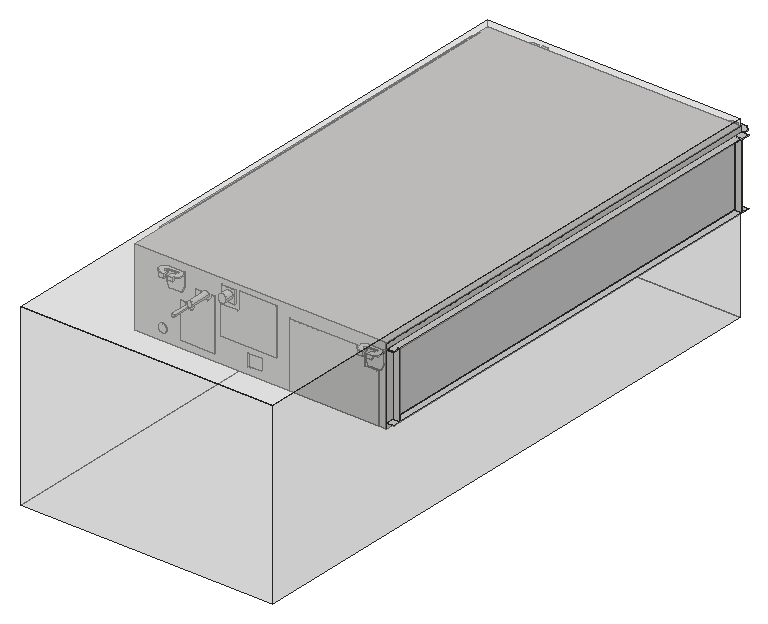
Revit family "outputfile", category 機械設備, Revit 2024
Family settings
  丸型コネクタ寸法 = 半径を使用
  パーツ タイプ = 標準
  OmniClass 番号 = 23.75.10.24.21.27.27
  OmniClass タイトル = Split System Air Conditioning Units
  作業面ベース = いいえ
  常に垂直 = はい
  ロード時にボイドで切り取り = いいえ
  注釈の向きを維持 = いいえ
  共有 = いいえ
  部屋計算ポイント = はい
Parameters (values of type "FBA140BVMA")
  製造元 = "Daikin"
  書き出し IFC クラス(タイプ) = "IfcUnitaryEquipmentType"
  定義済み IFC タイプ(タイプ) = "AIRCONDITIONINGUNIT"
  モデル = "FBA140BVMA"
  switch_frequency = yes
  r_Liquid Pipe Size = Liquid Pipe Size / 2  # 4.75 mm
  r_Gas Pipe Size = Gas Pipe Size / 2  # 7.95 mm
  r_Drain Pipe Size = Drain Pipe Size / 2  # 12.5 mm
  lw_power = 770.0 mm  # constant formula
  lh_SA = 138.0 mm  # constant formula
  lw_SA = if(Width = 550.0 mm, 225.0 mm, if(Width = 700.0 mm, 300.0 mm, if(Width = 1000.0 mm, 450.0 mm, if(Width = 1400.0 mm, 650.0 mm, 725.0 mm))))  # 650.0 mm
  lw_RA = if(Width = 550.0 mm, 275.0 mm, if(Width = 700.0 mm, 349.0 mm, if(Width = 1000.0 mm, 499.0 mm, if(Width = 1400.0 mm, 699.0 mm, 775.0 mm))))  # 699.0 mm
  lh_power = 60.0 mm + [h***]  # 60.0 mm
  lh_mountinghole1 = lh_mountinghole + [h***]  # 222.0 mm
  lh_RA = 123.0 mm  # constant formula
  ld_power = Width / 2  # 700.0 mm
  connector_voltage = Voltage_50Hz  # 230 V
  connector_powerinput = [Power Input (Cooling)]  # 5.690 kW
  connector_phase = Phase_50Hz  # 1
  Voltage_comment_60Hz = "220-230"
  Voltage_comment_50Hz = "220 - 240"
  Voltage_60Hz = 220 V
  Voltage_50Hz = 230 V
  Total Heating Capacity [instance] = 0.000 kW
  Supply Air Direction [instance] = yes
  Sound Power Level_H speed (dB) = 0
  Power Input (Heating) = 0.000 kW
  Phase_60Hz = 1
  Phase_50Hz = 1
  Nominal Heating Capacity = 0.000 kW
  Minimum External Static Pressure = 0.00 Pa
  Minimum Circuit Amps_60Hz = 0.0 A
  Minimum Circuit Amps_50Hz = 0.0 A
  Maximum Fuse Amps_60Hz = 0.0 A
  Maximum Fuse Amps_50Hz = 0.0 A
  Maximum External Static Pressure = 0.00 Pa
  Material_Casing = DAIKIN_GalvanizedSteel_Casing_indoorunit
  lw_mountinghole = 630.0 mm  # constant formula
  lh_gaspipe = 183.0 mm + [h***]  # 183.0 mm
  lh_mountinghole = 222.0 mm  # constant formula
  lh_liquidpipe = 136.0 mm + [h***]  # 136.0 mm
  lh_drainpipe = 207.0 mm + [h***]  # 207.0 mm
  lh_antena = Height - lh_mountinghole + 1.0 mm  # 24.0 mm
  ld_drainpipe = Width / 2 + 26.0 mm  # 726.0 mm
  ld_liquidpipe = Width / 2 + 69.0 mm  # 769.0 mm
  ld_gaspipe = Width / 2 + 65.0 mm  # 765.0 mm
  ld_mountinghole = Width + 38.0 mm  # 1438.0 mm
  h*** = 0.0 mm  # constant formula
  lw_liquidpipe = 179.0 mm  # constant formula
  lw_gaspipe = 229.0 mm  # constant formula
  lw_drainpipe = 300.0 mm  # constant formula
  Width = 1400.0 mm
  Version = "ver.1.0"
  Unit Type = "Duct"
  Unit Mass Weight = 47.00 kg
  Unit Designation [instance] = ""
  Uniclass2015Version = "Products v1.30"
  Uniclass2015Title = "Split coil room air conditioning units"
  Uniclass2015Code = "Pr_70_65_03_86"
  Total Cooling Capacity [instance] = 0.000 kW
  Sound Pressure Level_M speed (dBA) = 37.5
  Sound Pressure Level_L speed (dBA) = 35
  Sound Pressure Level_H speed (dBA) = 40
  Series = "SkyAir_Fan Coil Unit"
  Sensible Cooling Capacity [instance] = 0.000 kW
  SA Duct Size Width = 1192.0 mm
  SA Duct Size Height = 176.0 mm
  Refrigerant Type = "R32"
  RA Duct Size Width = 1352.0 mm
  RA Duct Size Height = 208.0 mm
  Power Input (Cooling) = 5.690 kW
  Option Accessory 3 [instance] = ""
  Option Accessory 2 [instance] = ""
  Option Accessory 1 [instance] = ""
  Nominal Cooling Capacity = 14.000 kW
  Minimum Airflow = 1500.00 m³/h
  Median Airflow = 1830.00 m³/h
  Maximum Airflow = 2160.00 m³/h
  Load Classification = HVAC
  Liquid Pipe Size = 9.5 mm
  Link_Nested Family [instance] = ""
  IfcVersion = ""
  IfcExportType = "AIRCONDITIONINGUNIT"
  IfcExportAs = "IfcUnitaryEquipmentType"
  Height = 245.0 mm
  Heating Entering Wet Bulb Temperature [instance] = -273.15 °C
  Heating Entering Dry Bulb Temperature [instance] = -273.15 °C
  Heating Ambient Wet Bulb Temperature [instance] = -273.15 °C
  Heating Ambient Dry Bulb Temperature [instance] = -273.15 °C
  Heat Exchanger Type = "Cross Fin Coil"
  Gas Pipe Size = 15.9 mm
  Frequency_60Hz = 60 Hz
  Frequency_50Hz = 50 Hz
  Fan Type = "Sirocco Fan"
  Fan Drive = "-"
  FCU Tag No. [instance] = ""
  Drain Pipe Size = 25.0 mm
  Design Supply Airflow [instance] = 0.00 m³/h
  Design Return Airflow [instance] = 0.00 m³/h
  Design External Static Pressure [instance] = 0.00 Pa
  Depth = 800.0 mm
  既定の高さ = 0.0 mm
  Cooling Entering Wet Bulb Temperature [instance] = 0.00 °C
  Cooling Entering Dry Bulb Temperature [instance] = 0.00 °C
  Cooling Ambient Wet Bulb Temperature [instance] = 0.00 °C
  Cooling Ambient Dry Bulb Temperature [instance] = 0.00 °C
  Clearance visibility [instance] = yes
  Clearance Top = 20.0 mm
  Clearance Right = 0.0 mm
  Clearance Rear = 0.0 mm
  Clearance Left = 0.0 mm
  Clearance Front = 450.0 mm
  Clearance Bottom = 300.0 mm
Reference planes
  plane 1 "Center (Front/Back)": y = 0
  plane 2 "h": z = 0
  plane 3 "Center (Left/Right)": x = 0
  plane 4 "Back": y = 700
  plane 5 "Front": y = -700
  plane 6 "Left": x = -400
  plane 7 "Right": x = 400
  plane 8 "Top": z = 0
  plane 9 "Bottom": z = -245
  plane 10: y = -215
  plane 11: y = 700
  plane 12: y = -1150
  plane 13: x = -400
  plane 14: x = 400
  plane 15: z = 20
  plane 16: z = -545
  plane 17: x = -400
  plane 18: x = -399
  plane 19: x = 399
  plane 20: y = 50
  plane 21: y = -1
  plane 22: z = -122
  plane 23: y = -701
  plane 24: z = -109
  plane 25: x = -221
  plane 26: y = -765
  plane 27: z = -62
  plane 28: x = -171
  plane 29: y = -726
  plane 30: z = -38
  plane 31: x = -100
  plane 32: x = -100
  plane 33: x = -221
  plane 34: x = -171
  plane 35: x = 370
  plane 36: x = -266
  plane 37: x = 364
  plane 38: y = -719
  plane 39: y = 719
  plane 40: z = -23
  plane 41: z = -107
  plane 42: y = -769
  plane 43: z = -207
  plane 44: x = -309
  plane 45: y = -376
  plane 46: x = -251
  plane 47: x = -203
  plane 48: x = -144
  plane 49: z = -59
  plane 50: z = -106
  plane 51: z = -221
  plane 52: z = -109
  plane 53: x = -221
  plane 54: z = -62
  plane 55: x = -171
  plane 56: z = -17
  plane 57: z = -59
  plane 58: x = -121
  plane 59: x = -79
  plane 60: x = -125
  plane 61: x = -64
  plane 62: x = 53
  plane 63: z = -164
  plane 64: z = -73
  plane 65: z = -16
  plane 66: x = 93.5
  plane 67: x = 374.5
  plane 68: x = 330
  plane 69: z = -88.5
  plane 70: z = -38
  plane 71: z = -242.5
  plane 72: x = -38.5
  plane 73: x = 6.5
  plane 74: z = -181
  plane 75: z = -221
  plane 76: y = -699
  plane 77: x = -424
  plane 78: x = 424
Forms (mm)
  Extrusion 1, solid, material "DAIKIN_GalvanizedSteel_Casing_indoorunit" <- "Material_Casing"
    sketch origin (0, 0, 0) x (1, 0, 0) y (0, 1, 0)
      loop
        line (-399, 700) -> (-399, -700) -> (399, -700) -> (399, 700) -> (-399, 700)
    from -245 to 0
  Extrusion 2, solid, material "DAIKIN_GalvanizedSteel_Casing_indoorunit" <- "Material_Casing"
    sketch origin (0, 0, 0) x (1, 0, 0) y (0, 0, 1)
      loop
        line (-251, -221) -> (-144, -221) -> (-144, -59) -> (-154.47, -59)
        arc (-154.47, -59) -> (-171, -78.8) -> (-187.53, -59) r 16.8
        line (-187.53, -59) -> (-203, -59) -> (-203, -106) -> (-206.916, -106)
        arc (-206.916, -106) -> (-221, -123.4) -> (-235.084, -106) r 14.4
        line (-235.084, -106) -> (-251, -106) -> (-251, -221)
    from 700 to 701
  Extrusion 3, solid, material "DAIKIN_GalvanizedSteel_Casing_indoorunit" <- "Material_Casing"
    sketch origin (0, 0, 0) x (1, 0, 0) y (0, 0, 1)
      loop
        line (-121, -17) -> (-121, -59) -> (-79, -59) -> (-79, -17) -> (-121, -17)
      loop
        line (-125, -73) -> (-125, -164) -> (53, -164) -> (53, -16) -> (-64, -16) -> (-64, -73) -> (-125, -73)
    from 700 to 701
  Extrusion 4, solid, material "DAIKIN_GalvanizedSteel_Casing_indoorunit" <- "Material_Casing"
    sketch origin (0, 0, 0) x (1, 0, 0) y (0, 0, 1)
      loop
        line (93.5, -38) -> (93.5, -242.5) -> (374.5, -242.5) -> (374.5, -88.5) -> (330, -88.5) -> (330, -38) -> (93.5, -38)
    from 700 to 701
  Extrusion 5, solid, material "DAIKIN_GalvanizedSteel_Casing_indoorunit" <- "Material_Casing"
    sketch origin (0, 0, 0) x (1, 0, 0) y (0, 0, 1)
      loop
        circle (-221, -109) r 4.75
    from 700 to 769
  Extrusion 6, solid, material "DAIKIN_GalvanizedSteel_Casing_indoorunit" <- "Material_Casing"
    sketch origin (0, 0, 0) x (1, 0, 0) y (0, 0, 1)
      loop
        circle (-171, -62) r 7.95
    from 700 to 765
  Extrusion 7, solid, material "DAIKIN_GalvanizedSteel_Casing_indoorunit" <- "Material_Casing"
    sketch origin (0, 0, 0) x (1, 0, 0) y (0, 0, 1)
      loop
        circle (-100, -38) r 12.5
    from 701 to 726
  Extrusion 8, solid, material "DAIKIN_GalvanizedSteel_Casing_indoorunit" <- "Material_Casing"
    sketch origin (0, 0, 0) x (1, 0, 0) y (0, 0, 1)
      loop
        circle (-309, -207) r 13
    from 700 to 526
  Extrusion 9, void
    sketch origin (0, 0, 0) x (1, 0, 0) y (0, 0, 1)
      loop
        line (-38.5, -181) -> (-38.5, -221) -> (6.5, -221) -> (6.5, -181) -> (-38.5, -181)
    from 699 to 700
Cuts and joins
  Extrusion 9 cuts Extrusion 1
Dimensions and locks
  "Height": plane 8 "Top" to plane 9 "Bottom"
  equal spacing: plane 4 "Back", plane 1 "Center (Front/Back)", plane 5 "Front"
  "Width": plane 4 "Back" to plane 5 "Front"
  equal spacing: plane 6 "Left", plane 3 "Center (Left/Right)", plane 7 "Right"
  "Depth": plane 6 "Left" to plane 7 "Right"
  "Clearance Left": plane 13 to plane 6 "Left"
  "Clearance Right": plane 7 "Right" to plane 14
  "Clearance Rear": plane 11 to plane 4 "Back"
  "Clearance Front": plane 5 "Front" to plane 12
  "Clearance Top": plane 15 to plane 8 "Top"
  "Clearance Bottom": plane 9 "Bottom" to plane 16
  locked: plane 17 to plane 18 at 1
  locked: plane 19 to plane 14 at 1
  "lw_SA": plane 11 to plane 20
  "lw_RA": plane 21 to plane 5 "Front"
  "lh_RA": plane 22 to plane 9 "Bottom"
  locked: plane 5 "Front" to plane 23 at 1
  "lw_liquidpipe": plane 25 to plane 6 "Left"
  "lh_liquidpipe": plane 24 to plane 9 "Bottom"
  "lh_gaspipe": plane 27 to plane 9 "Bottom"
  "lw_gaspipe": plane 28 to plane 6 "Left"
  "ld_gaspipe": plane 26 to plane 1 "Center (Front/Back)"
  "ld_drainpipe": plane 29 to plane 1 "Center (Front/Back)"
  "lh_drainpipe": plane 30 to plane 9 "Bottom"
  "lw_drainpipe": plane 31 to plane 6 "Left"
  "lw_drainpipe": plane 6 "Left" to plane 32
  "lw_liquidpipe": plane 6 "Left" to plane 33
  "lw_gaspipe": plane 6 "Left" to plane 34
  "lw_power": plane 6 "Left" to plane 35
  locked: plane 17 to plane 36 at 134
  "lw_mountinghole": plane 36 to plane 37
  equal spacing: plane 38, plane 1 "Center (Front/Back)", plane 39
  "ld_mountinghole": plane 39 to plane 38
  "lh_mountinghole": plane 40 to plane 9 "Bottom"
  "lh_SA": plane 41 to plane 9 "Bottom"
  locked: plane 44 to plane 6 "Left" at 91
  locked: plane 43 to plane 9 "Bottom" at 38
  plane 48 to plane 47 to plane 46 to plane 6 "Left" = 59.0 mm, 48.0 mm, 149.0 mm
  plane 8 "Top" to plane 49 to plane 50 to plane 51 = 59.0 mm locked, 47.0 mm locked, 115.0 mm locked
  plane 55 to plane 53 to plane 6 "Left" = 50.0 mm locked, 179.0 mm locked
  plane 54 to plane 52 to plane 9 "Bottom" = 47.0 mm locked, 136.0 mm locked
  plane 59 to plane 58 to plane 6 "Left" = 42.0 mm locked, 279.0 mm locked
  plane 8 "Top" to plane 56 to plane 57 = 17.0 mm locked, 42.0 mm locked
  plane 62 to plane 61 to plane 60 to plane 6 "Left" = 117.0 mm, 61.0 mm, 275.0 mm
  plane 8 "Top" to plane 65 to plane 64 = 16.0 mm locked, 57.0 mm locked
  locked: plane 65 to plane 63 at 148
  plane 8 "Top" to plane 70 to plane 69 to plane 71 = 38.0 mm locked, 50.5 mm locked, 154.0 mm locked
  plane 67 to plane 68 to plane 66 to plane 6 "Left" = 44.5 mm locked, 236.5 mm locked, 493.5 mm locked
  plane 8 "Top" to plane 74 to plane 75 = 181.0 mm locked, 40.0 mm locked
  plane 73 to plane 72 to plane 6 "Left" = 45.0 mm, 361.5 mm
  locked: plane 76 to plane 5 "Front" at 1
  locked: plane 77 to plane 17 at 24
  locked: plane 14 to plane 78 at 24
  "ld_liquidpipe": plane 42 to plane 1 "Center (Front/Back)"
  "r_Liquid Pipe Size": radius of Extrusion 5 sketch curve
  "r_Gas Pipe Size": radius of Extrusion 6 sketch curve
  "r_Drain Pipe Size": radius of Extrusion 7 sketch curve
  aligned and locked: level to plane 2 "h"
  aligned and locked: plane 8 "Top" to Extrusion 1
  aligned and locked: Extrusion 1 to plane 9 "Bottom"
  aligned and locked: nested 5 to plane 12
  aligned and locked: plane 13 to nested 5
  aligned and locked: plane 14 to nested 5
  aligned and locked: nested 5 to plane 13
  aligned and locked: plane 11 to nested 5
  aligned and locked: plane 15 to nested 5
  aligned and locked: plane 16 to nested 5
  aligned and locked: plane 5 "Front" to Extrusion 1 sketch curve
  aligned and locked: Extrusion 1 to plane 18
  aligned and locked: plane 19 to Extrusion 1
  aligned and locked: nested 7 to plane 18
  aligned and locked: nested 7 to plane 20
  aligned and locked: plane 19 to nested 8
  aligned and locked: plane 21 to nested 8
  aligned and locked: plane 22 to nested 8
  aligned and locked: Extrusion 2 to plane 23
  aligned and locked: plane 5 "Front" to Extrusion 2
  aligned and locked: Extrusion 3 to plane 23
  aligned and locked: plane 5 "Front" to Extrusion 3
  aligned and locked: plane 5 "Front" to Extrusion 4
  aligned and locked: Extrusion 5 sketch curve to plane 25
  aligned and locked: plane 24 to Extrusion 5 sketch curve
  aligned and locked: plane 5 "Front" to Extrusion 5
  aligned and locked: Extrusion 6 sketch curve to plane 28
  aligned and locked: plane 27 to Extrusion 6 sketch curve
  aligned and locked: plane 5 "Front" to Extrusion 6
  aligned and locked: Extrusion 7 sketch curve to plane 31
  aligned and locked: Extrusion 7 sketch curve to plane 30
  aligned and locked: Extrusion 7 to plane 29
  aligned and locked: plane 23 to Extrusion 7
  aligned and locked: nested 3 to plane 29
  aligned and locked: nested 3 to plane 32
  aligned and locked: nested 2 to plane 33
  aligned and locked: nested 1 to plane 34
  aligned and locked: Extrusion 6 to plane 26
  aligned and locked: nested 1 to plane 26
  aligned and locked: nested 6 to plane 5 "Front"
  aligned and locked: nested 6 to plane 35
  aligned and locked: plane 36 to nested 10
  aligned and locked: nested 10 to plane 5 "Front"
  aligned and locked: plane 37 to nested 9
  aligned and locked: nested 9 to plane 5 "Front"
  aligned and locked: nested 11 to plane 36
  aligned and locked: plane 4 "Back" to nested 11
  aligned and locked: nested 12 to plane 37
  aligned and locked: plane 4 "Back" to nested 12
  aligned and locked: plane 40 to nested 10
  aligned and locked: plane 40 to nested 11
  aligned and locked: plane 40 to nested 9
  aligned and locked: plane 40 to nested 12
  aligned and locked: plane 36 to nested 14
  aligned and locked: nested 14 to plane 39
  aligned and locked: plane 37 to nested 13
  aligned and locked: nested 13 to plane 39
  aligned and locked: plane 37 to nested 16
  aligned and locked: plane 38 to nested 16
  aligned and locked: plane 38 to nested 15
  aligned and locked: plane 36 to nested 15
  aligned and locked: plane 17 to plane 6 "Left"
  aligned and locked: plane 41 to nested 7
  aligned and locked: Extrusion 5 to plane 42
  aligned and locked: nested 2 to plane 42
  aligned and locked: Extrusion 8 sketch curve to plane 44
  aligned and locked: plane 43 to Extrusion 8 sketch curve
  aligned and locked: plane 5 "Front" to Extrusion 8
  aligned and locked: Extrusion 3 sketch curve to plane 56
  aligned and locked: Extrusion 3 sketch curve to plane 58
  aligned and locked: plane 57 to Extrusion 3 sketch curve
  aligned and locked: plane 59 to Extrusion 3 sketch curve
  aligned and locked: Extrusion 4 to plane 23
  aligned and locked: Extrusion 9 sketch curve to plane 74
  aligned and locked: plane 75 to Extrusion 9 sketch curve
  aligned and locked: plane 73 to Extrusion 9 sketch curve
  aligned and locked: plane 5 "Front" to Extrusion 9
  aligned and locked: plane 76 to Extrusion 9
  aligned and locked: nested 17 to plane 20
  aligned and locked: nested 17 to plane 77
  aligned and locked: plane 21 to nested 18
  aligned and locked: plane 78 to nested 18
  aligned and locked: plane 41 to nested 17
  aligned and locked: nested 18 to plane 22
  aligned and locked: nested 4 to plane 3 "Center (Left/Right)"
  aligned and locked: plane 1 "Center (Front/Back)" to nested 4
  aligned and locked: level to plane 8 "Top"
Automatic sketch dimensions
  plane 6 "Left" to Extrusion 1 sketch curve = 1.0 mm
  Extrusion 1 sketch curve to plane 7 "Right" = 1.0 mm
  Extrusion 1 sketch curve to plane 4 "Back" = 0.0 mm
  Extrusion 2 sketch curve to plane 46 = 0.0 mm
  Extrusion 2 sketch curve to plane 33 = 0.0 mm
  Extrusion 2 sketch curve to plane 47 = 0.0 mm
  Extrusion 2 sketch curve to plane 34 = 0.0 mm
  Extrusion 2 sketch curve to plane 48 = 0.0 mm
  Extrusion 2 sketch curve to plane 51 = 0.0 mm
  Extrusion 2 sketch curve to plane 52 = 0.0 mm
  Extrusion 2 sketch curve to plane 50 = 0.0 mm  (x3)
  Extrusion 2 sketch curve to plane 54 = 0.0 mm
  Extrusion 2 sketch curve to plane 49 = 0.0 mm  (x3)
  plane 33 to Extrusion 2 sketch curve = 14.084 mm
  plane 34 to Extrusion 2 sketch curve = 16.53 mm
  Extrusion 3 sketch curve to plane 60 = 0.0 mm
  Extrusion 3 sketch curve to plane 61 = 0.0 mm
  Extrusion 3 sketch curve to plane 62 = 0.0 mm
  Extrusion 3 sketch curve to plane 63 = 0.0 mm
  Extrusion 3 sketch curve to plane 64 = 0.0 mm
  Extrusion 3 sketch curve to plane 65 = 0.0 mm
  Extrusion 4 sketch curve to plane 66 = 0.0 mm
  Extrusion 4 sketch curve to plane 68 = 0.0 mm
  Extrusion 4 sketch curve to plane 67 = 0.0 mm
  Extrusion 4 sketch curve to plane 71 = 0.0 mm
  Extrusion 4 sketch curve to plane 69 = 0.0 mm
  Extrusion 4 sketch curve to plane 70 = 0.0 mm
  Extrusion 9 sketch curve to plane 72 = 0.0 mm
  radius of Extrusion 8 sketch curve = 13.0 mm
Nested families
  nested 1: "daikin_connector_rotate2" at (-171, 0, -62), length <- "ld_gaspipe", built-in parameter 1001364 <- "lh_gaspipe", radius <- "r_Gas Pipe Size", type "daikin_connector_rotate2"
    with radius 7.95 mm, length 765.0 mm, angle_vertical 90.00°
  nested 2: "daikin_connector_rotate2" at (-221, 0, -109), length <- "ld_liquidpipe", built-in parameter 1001364 <- "lh_liquidpipe", radius <- "r_Liquid Pipe Size", type "daikin_connector_rotate2"
    with radius 4.75 mm, length 769.0 mm, angle_vertical 90.00°
  nested 3: "daikin_connector_rotate2" at (-100, 0, -38), length <- "ld_drainpipe", built-in parameter 1001364 <- "lh_drainpipe", radius <- "r_Drain Pipe Size", type "daikin_connector_rotate2"
    with radius 12.5 mm, length 726.0 mm, angle_vertical 90.00°
  nested 4: "daikin_△_symbolicline" at (0, 0, 245) x (0, -1, 0) z (0, 0, 1), built-in parameter 1001364 <- "Height", visible <- "Supply Air Direction", type "daikin_△_symbolicline"
    with length 200.0 mm
  nested 5: "daikin_clearancespace" at (0, -225, -262.381), visible <- "Clearance visibility", show <- "Clearance visibility", Link_Nested Family <- "Link_Nested Family", type "daikin_clearancespace"
    with width 800.0 mm, show yes, height 565.0 mm, depth 1850.0 mm, Link_Nested Family ""
  nested 6: "daikin_connector_rotate2" at (370, 0, -185), built-in parameter 1001364 <- "lh_power", length <- "ld_power", type "daikin_connector_rotate2"
    with radius 10.0 mm, length 700.0 mm, angle_vertical 90.00°
  nested 7: "daikin_ductflange_FBA-BVMA2" at (-399, 50, -107) x (0, -1, 0) z (0, 0, 1), type "daikin_ductflange_FBA-BVMA2"
  nested 8: "daikin_ductflange_FBA-BVMA" at (399, -1, -122) x (0, 1, 0) z (0, 0, 1), type "daikin_ductflange_FBA-BVMA"
    with width 1352.0 mm, lw 25.0 mm, w 1400.0 mm
  nested 9: "daikin_hangerfixture_FBA-BVMA" at (364, -700, -23), type "daikin_hangerfixture_FBA-BVMA"
  nested 10: "daikin_hangerfixture_FBA-BVMA" at (-266, -700, -23), type "daikin_hangerfixture_FBA-BVMA"
  nested 11: "daikin_hangerfixture_FBA-BVMA" at (-266, 700, -23) x (-1, 0, 0) z (0, 0, 1), type "daikin_hangerfixture_FBA-BVMA"
  nested 12: "daikin_hangerfixture_FBA-BVMA" at (364, 700, -23) x (-1, 0, 0) z (0, 0, 1), type "daikin_hangerfixture_FBA-BVMA"
  nested 13: "daikin_mountinghole" at (364, 719, -245), h_mountinghole <- "lh_mountinghole1", l_antenna <- "lh_antena", Link_Nested Family <- "Link_Nested Family", type "daikin_mountinghole"
    with show yes, l_antenna 24.0 mm, h_mountinghole 222.0 mm, Link_Nested Family ""
  nested 14: "daikin_mountinghole" at (-266, 719, -245), h_mountinghole <- "lh_mountinghole1", l_antenna <- "lh_antena", Link_Nested Family <- "Link_Nested Family", type "daikin_mountinghole"
    with show yes, l_antenna 24.0 mm, h_mountinghole 222.0 mm, Link_Nested Family ""
  nested 15: "daikin_mountinghole" at (-266, -719, -245), h_mountinghole <- "lh_mountinghole1", l_antenna <- "lh_antena", Link_Nested Family <- "Link_Nested Family", type "daikin_mountinghole"
    with show yes, l_antenna 24.0 mm, h_mountinghole 222.0 mm, Link_Nested Family ""
  nested 16: "daikin_mountinghole" at (364, -719, -245), h_mountinghole <- "lh_mountinghole1", l_antenna <- "lh_antena", Link_Nested Family <- "Link_Nested Family", type "daikin_mountinghole"
    with show yes, l_antenna 24.0 mm, h_mountinghole 222.0 mm, Link_Nested Family ""
  nested 17: "daikin_connector_rotate2" at (-400, 50, -107) x (0, -1, 0) z (0, 0, 1), type "daikin_connector_rotate2"
    with radius 10.0 mm, length 24.0 mm, angle_vertical 90.00°
  nested 18: "daikin_connector_rotate2" at (400, -1, -122) x (0, 1, 0) z (0, 0, 1), type "daikin_connector_rotate2"
    with radius 10.0 mm, length 24.0 mm, angle_vertical 90.00°
Connectors
  piping at (-100, -726, -38), diameter 25, driven by "r_Drain Pipe Size"
    settings: on nested 3, index 3, connector inside diameter 609.6 mm, connector length 0.0 mm, flow factor 0, pipe flow 0.00 m³/h, pressure drop 0.0 Pa, fitting loss kfactor 0, connector angle 0.00°, fixture units 0, engagement length 0.0 mm, angle of deflection 0.00°, flow configuration 1, flow direction 2, fitting loss method 4, system type 16, joint type 0, gender type 0, connector reference index -1, connector utility 0, adjustable connector no, is connector primary yes, connector description "Condensate Drain Piping"
  piping at (-171, -765, -62), diameter 15.9, driven by "r_Gas Pipe Size"
    settings: on nested 1, index 4, connector inside diameter 609.6 mm, connector length 0.0 mm, flow factor 0, pipe flow 0.00 m³/h, pressure drop 0.0 Pa, fitting loss kfactor 0, connector angle 0.00°, fixture units 0, engagement length 0.0 mm, angle of deflection 0.00°, flow configuration 1, flow direction 2, fitting loss method 0, system type 29, joint type 0, gender type 0, connector reference index -1, connector utility 0, adjustable connector no, is connector primary no, connector description "Refrigerant Gas Piping"
  piping at (-221, -769, -109), diameter 9.5, driven by "r_Liquid Pipe Size"
    settings: on nested 2, index 5, connector inside diameter 609.6 mm, connector length 0.0 mm, flow factor 0, pipe flow 0.00 m³/h, pressure drop 0.0 Pa, fitting loss kfactor 0, connector angle 0.00°, fixture units 0, engagement length 0.0 mm, angle of deflection 0.00°, flow configuration 1, flow direction 1, fitting loss method 0, system type 29, joint type 0, gender type 0, connector reference index -1, connector utility 0, adjustable connector no, is connector primary no, connector description "Refrigerant Liquid Piping"
  electrical at (370, -700, -185), driven by "Load Classification", driven by "connector_voltage", driven by "connector_phase", driven by "connector_powerinput"
    settings: on nested 6, index 6, voltage 230 V, apparent load 5690 VA, apparent load phase1 0 VA, apparent load phase2 0 VA, apparent load phase3 0 VA, power factor 1, load classification "HVAC", number of poles 1, system type 30, power factor state 1, is connector primary yes, connector utility no, sub classification motor no, connector description "Power Supply"
  hvac at (-424, 50, -107), driven by "SA Duct Size Height", driven by "SA Duct Size Width"
    settings: on nested 17, index 7, duct flow 0.00 m³/h, flow factor 0, pres drop 0.00 Pa, loss coef 0, conn angle 0.00°, conn width 1192.0 mm, conn height 176.0 mm, conn diameter 609.6 mm, duct sys type 1, conn prof type 1, flow config 0, flow direction 2, loss method 4, conn ref index -1, conn util no, is conn primary yes, conn desc "SA Duct"
  hvac at (424, -1, -122), driven by "RA Duct Size Height", driven by "RA Duct Size Width"
    settings: on nested 18, index 8, duct flow 0.00 m³/h, flow factor 0, pres drop 0.00 Pa, loss coef 0, conn angle 0.00°, conn width 1352.0 mm, conn height 208.0 mm, conn diameter 609.6 mm, duct sys type 2, conn prof type 1, flow config 0, flow direction 1, loss method 4, conn ref index -1, conn util no, is conn primary no, conn desc "RA Duct"
Definition of nested family "daikin_clearancespace"
  Parameters (values of type "daikin_clearancespace")
    Description = "daikin_clearancespace"
    width [instance] = 1823.963 mm
    show [instance] = yes
    material = none
    height [instance] = 1359.762 mm
    depth [instance] = 880.0 mm
    Default Elevation = 0.0 mm
    Link_Nested Family [instance] = ""
  Reference planes
    plane 1 "Center (Front/Back)": y = 0
    plane 2 "Center (Elevation)": z = -0.119
    plane 3 "Center (Left/Right)": x = 0
    plane 4: y = 440
    plane 5: y = -440
    plane 6 "Right": x = 911.982
    plane 7 "Left": x = -911.982
    plane 8 "Top": z = 679.762
    plane 9 "Bottom": z = -680
  Forms (mm)
    Extrusion 1, solid, material <- "material", visible <- "show"
      sketch origin (0, 0, 0) x (1, 0, 0) y (0, 1, 0)
        loop
          line (-911.982, 440) -> (-911.982, -440) -> (911.982, -440) -> (911.982, 440) -> (-911.982, 440)
      from -680 to 679.762
  Lines and regions (mm)
    symbolic lines, visible <- "show"
      curve 1: line (911.982, 440, 0) -> (-911.982, 440, 0)
      curve 2: line (-911.982, 440, 0) -> (-911.982, -440, 0)
      curve 3: line (-911.982, -440, 0) -> (911.982, -440, 0)
      curve 4: line (911.982, -440, 0) -> (911.982, 440, 0)
      curve 5: line (911.982, 0, 679.762) -> (-911.982, 0, 679.762)
      curve 6: line (911.982, 0, -680) -> (911.982, 0, 679.762)
      curve 7: line (-911.982, 0, -680) -> (911.982, 0, -680)
      curve 8: line (-911.982, 0, 679.762) -> (-911.982, 0, -680)
      curve 9: line (0, 440, 679.762) -> (0, -440, 679.762)
      curve 10: line (0, -440, 679.762) -> (0, -440, -680)
      curve 11: line (0, 440, -680) -> (0, 440, 679.762)
      curve 12: line (0, -440, -680) -> (0, 440, -680)
  Dimensions and locks
    "width": plane 7 "Left" to plane 6 "Right"
    "depth": plane 4 to plane 5
    "height": plane 8 "Top" to plane 9 "Bottom"
    equal spacing: plane 7 "Left", plane 3 "Center (Left/Right)", plane 6 "Right"
    equal spacing: plane 4, plane 1 "Center (Front/Back)", plane 5
    equal spacing: plane 8 "Top", plane 2 "Center (Elevation)", plane 9 "Bottom"
    aligned and locked: level to plane 2 "Center (Elevation)"
    aligned and locked: Extrusion 1 sketch curve to plane 4
    aligned and locked: plane 7 "Left" to Extrusion 1 sketch curve
    aligned and locked: Extrusion 1 sketch curve to plane 5
    aligned and locked: Extrusion 1 sketch curve to plane 6 "Right"
    aligned and locked: plane 8 "Top" to Extrusion 1
    aligned and locked: curve 1 to Extrusion 1
    aligned and locked: curve 2 to Extrusion 1
    aligned and locked: curve 3 to Extrusion 1
    aligned and locked: curve 4 to Extrusion 1
    aligned and locked: curve 5 to Extrusion 1
    aligned and locked: curve 6 to Extrusion 1
    aligned and locked: curve 7 to Extrusion 1
    aligned and locked: curve 8 to Extrusion 1
    aligned and locked: curve 9 to Extrusion 1
    aligned and locked: curve 10 to Extrusion 1
    aligned and locked: curve 11 to Extrusion 1
    aligned and locked: curve 12 to Extrusion 1
    aligned and locked: Extrusion 1 to plane 9 "Bottom"
Definition of nested family "daikin_ductflange_FBA-BVMA2"
  Parameters (values of type "daikin_ductflange_FBFC-DVMG2")
    width = if(w = 550.0 mm, 337.0 mm, if(w = 700.0 mm, 492.0 mm, if(w = 1000.0 mm, 792.0 mm, if(w = 1400.0 mm, 1192.0 mm, 1337.0 mm))))  # 1192.0 mm
    material = none
    height = 215.0 mm
    depth = 1.0 mm
    w = 1400.0 mm
    Default Elevation = 0.0 mm
  Reference planes
    plane 1 "Center (Front/Back)": y = 0
    plane 2: z = 0
    plane 3 "Center (Left/Right)": x = 0
    plane 4: z = 88
    plane 5: z = -88
    plane 6: y = -25
    plane 7: z = 106
    plane 8: z = 89
    plane 9: y = -1
    plane 10: x = -617.5
    plane 11: x = 617.5
    plane 12: z = -106
    plane 13: z = -89
    plane 14: y = -1
    plane 15: x = 596
    plane 16: x = -596
    plane 17: x = 597
    plane 18: z = 87
    plane 19: z = -87
    plane 20: x = -597
    plane 21: z = 87
    plane 22: z = -87
    plane 23: y = -1
  Forms (mm)
    Extrusion 1, solid, material <- "material"
      sketch origin (0, 0, 0) x (0, 1, 0) y (0, 0, 1)
        loop
          line (-25, 88) -> (0, 88) -> (0, 106) -> (-1, 106) -> (-1, 89) -> (-25, 89) -> (-25, 88)
      from -617.5 to 617.5
    Extrusion 2, solid, material <- "material"
      sketch origin (0, 0, 0) x (0, 1, 0) y (0, 0, 1)
        loop
          line (-25, -88) -> (-25, -89) -> (-1, -89) -> (-1, -106) -> (0, -106) -> (0, -88) -> (-25, -88)
      from -617.5 to 617.5
    Extrusion 3, solid, material <- "material"
      sketch origin (0, 0, 0) x (1, 0, 0) y (0, 0, 1)
        loop
          line (596, 88) -> (596, -88) -> (617.5, -88) -> (617.5, -87) -> (597, -87) -> (597, 87) -> (617.5, 87) -> (617.5, 88) -> (596, 88)
      from 0 to 25
    Extrusion 4, solid, material <- "material"
      sketch origin (0, 0, 0) x (1, 0, 0) y (0, 0, 1)
        loop
          line (-617.5, 88) -> (-617.5, 87) -> (-597, 87) -> (-597, -87) -> (-617.5, -87) -> (-617.5, -88) -> (-596, -88) -> (-596, 88) -> (-617.5, 88)
      from 0 to 25
    Extrusion 5, solid, material <- "material"
      sketch origin (0, 0, 0) x (1, 0, 0) y (0, 0, 1)
        loop
          line (-617.5, 88) -> (-617.5, -88) -> (-596, -88) -> (-596, 88) -> (-617.5, 88)
        loop
          line (617.5, 88) -> (596, 88) -> (596, -88) -> (617.5, -88) -> (617.5, 88)
      from 0 to 1
  Cuts and joins
    joined: Extrusion 1, Extrusion 2, Extrusion 3, Extrusion 4, Extrusion 5
  Dimensions and locks
    plane 4 to level to plane 5 = 88.0 mm, 88.0 mm
    locked: plane 6 to plane 1 "Center (Front/Back)" at 25
    locked: plane 9 to plane 1 "Center (Front/Back)" at 1
    locked: plane 8 to plane 4 at 1
    locked: plane 16 to plane 10 at 21.5
    locked: plane 17 to plane 15 at 1
    locked: plane 4 to plane 18 at 1
    locked: plane 19 to plane 5 at 1
    "width": plane 15 to plane 16
    plane 4 to plane 5 = 176.0 mm
    locked: plane 16 to plane 20 at 1
    locked: plane 4 to plane 21 at 1
    locked: plane 22 to plane 5 at 1
    locked: plane 23 to plane 1 "Center (Front/Back)" at 1
    plane 4 to level to plane 5 = 88.0 mm locked, 88.0 mm locked
    locked: plane 5 to plane 13 at 1
    locked: plane 5 to plane 12 at 18
    locked: plane 7 to plane 4 at 18
    equal spacing: plane 15, plane 3 "Center (Left/Right)", plane 16
    locked: plane 11 to plane 15 at 21.5
    plane 11 to plane 10 = 1235.0 mm
    aligned and locked: level to plane 2
    aligned and locked: Extrusion 1 to plane 10
    aligned and locked: plane 11 to Extrusion 1
    aligned and locked: plane 5 to Extrusion 2
    aligned and locked: Extrusion 2 to plane 1 "Center (Front/Back)"
    aligned and locked: plane 15 to Extrusion 3 sketch curve
    aligned and locked: Extrusion 3 sketch curve to Extrusion 2  (x2)
    aligned and locked: Extrusion 3 sketch curve to plane 11
    aligned and locked: plane 6 to Extrusion 3
    aligned and locked: Extrusion 2 to plane 10
    aligned and locked: plane 11 to Extrusion 2
    aligned and locked: Extrusion 4 sketch curve to Extrusion 1  (x2)
    aligned and locked: plane 5 to Extrusion 4 sketch curve
    aligned and locked: Extrusion 4 sketch curve to plane 16
    aligned and locked: Extrusion 4 sketch curve to plane 22
    aligned and locked: plane 20 to Extrusion 4 sketch curve
    aligned and locked: plane 21 to Extrusion 4 sketch curve
    aligned and locked: Extrusion 4 to plane 1 "Center (Front/Back)"
    aligned and locked: plane 6 to Extrusion 4
    aligned and locked: Extrusion 5 sketch curve to Extrusion 1  (x4)
    aligned and locked: Extrusion 5 sketch curve to Extrusion 4  (x2)
    aligned and locked: Extrusion 5 sketch curve to Extrusion 3  (x2)
    aligned and locked: Extrusion 5 to plane 1 "Center (Front/Back)"
    aligned and locked: plane 23 to Extrusion 5
  Automatic sketch dimensions
    Extrusion 1 sketch curve to plane 6 = 0.0 mm
    Extrusion 1 sketch curve to plane 7 = 0.0 mm
    Extrusion 1 sketch curve to plane 9 = 0.0 mm
    Extrusion 1 sketch curve to plane 1 "Center (Front/Back)" = 0.0 mm
    Extrusion 1 sketch curve to plane 4 = 0.0 mm
    Extrusion 1 sketch curve to plane 8 = 0.0 mm
    Extrusion 2 sketch curve to plane 6 = 0.0 mm
    plane 12 to Extrusion 2 sketch curve = 0.0 mm
    Extrusion 2 sketch curve to plane 14 = 0.0 mm
    Extrusion 2 sketch curve to plane 1 "Center (Front/Back)" = 0.0 mm
    plane 13 to Extrusion 2 sketch curve = 0.0 mm
    Extrusion 2 sketch curve to plane 5 = 0.0 mm
    Extrusion 3 sketch curve to plane 17 = 0.0 mm
    Extrusion 3 sketch curve to plane 19 = 0.0 mm
    Extrusion 3 sketch curve to plane 18 = 0.0 mm
    Extrusion 3 sketch curve to plane 4 = 0.0 mm
    Extrusion 4 sketch curve to plane 10 = 0.0 mm
Definition of nested family "daikin_ductflange_FBA-BVMA"
  Parameters (values of type "daikin_ductflange_FBFC-DVMG")
    width = if(w = 550.0 mm, 502.0 mm, if(w = 700.0 mm, 654.0 mm, if(w = 1000.0 mm, 952.0 mm, if(w = 1400.0 mm, 1352.0 mm, 1502.0 mm))))  # 654.0 mm
    material = none
    lw = if(width = 654.0 mm, 23.0 mm, 25.0 mm)  # 23.0 mm
    height = 208.0 mm
    depth = 1.0 mm
    w = 700.0 mm
    Default Elevation = 0.0 mm
  Reference planes
    plane 1 "Center (Front/Back)": y = 0
    plane 2: z = 0
    plane 3 "Center (Left/Right)": x = 0
    plane 4: z = 104
    plane 5: z = -104
    plane 6: y = -25
    plane 7: z = 121
    plane 8: z = 105
    plane 9: y = -1
    plane 10: x = -350
    plane 11: x = 350
    plane 12: z = -122
    plane 13: z = -105
    plane 14: y = -1
    plane 15: x = 327
    plane 16: x = -327
    plane 17: x = 328
    plane 18: z = 103
    plane 19: z = -103
    plane 20: x = -328
    plane 21: z = 103
    plane 22: z = -103
    plane 23: y = -1
  Forms (mm)
    Extrusion 1, solid, material <- "material"
      sketch origin (0, 0, 0) x (0, 1, 0) y (0, 0, 1)
        loop
          line (-25, 104) -> (0, 104) -> (0, 121) -> (-1, 121) -> (-1, 105) -> (-25, 105) -> (-25, 104)
      from -350 to 350
    Extrusion 2, solid, material <- "material"
      sketch origin (0, 0, 0) x (0, 1, 0) y (0, 0, 1)
        loop
          line (-25, -104) -> (-25, -105) -> (-1, -105) -> (-1, -122) -> (0, -122) -> (0, -104) -> (-25, -104)
      from -350 to 350
    Extrusion 3, solid, material <- "material"
      sketch origin (0, 0, 0) x (1, 0, 0) y (0, 0, 1)
        loop
          line (327, 104) -> (327, -104) -> (350, -104) -> (350, -103) -> (328, -103) -> (328, 103) -> (350, 103) -> (350, 104) -> (327, 104)
      from 0 to 25
    Extrusion 4, solid, material <- "material"
      sketch origin (0, 0, 0) x (1, 0, 0) y (0, 0, 1)
        loop
          line (-350, 104) -> (-350, 103) -> (-328, 103) -> (-328, -103) -> (-350, -103) -> (-350, -104) -> (-327, -104) -> (-327, 104) -> (-350, 104)
      from 0 to 25
    Extrusion 5, solid, material <- "material"
      sketch origin (0, 0, 0) x (1, 0, 0) y (0, 0, 1)
        loop
          line (-350, 104) -> (-350, -104) -> (-327, -104) -> (-327, 104) -> (-350, 104)
        loop
          line (350, 104) -> (327, 104) -> (327, -104) -> (350, -104) -> (350, 104)
      from 0 to 1
  Cuts and joins
    joined: Extrusion 1, Extrusion 2, Extrusion 3, Extrusion 4, Extrusion 5
  Dimensions and locks
    plane 4 to level to plane 5 = 104.0 mm, 104.0 mm
    locked: plane 6 to plane 1 "Center (Front/Back)" at 25
    locked: plane 9 to plane 1 "Center (Front/Back)" at 1
    locked: plane 8 to plane 4 at 1
    "lw": plane 11 to plane 15
    "lw": plane 16 to plane 10
    locked: plane 17 to plane 15 at 1
    locked: plane 4 to plane 18 at 1
    locked: plane 19 to plane 5 at 1
    "width": plane 15 to plane 16
    equal spacing: plane 15, plane 3 "Center (Left/Right)", plane 16
    locked: plane 16 to plane 20 at 1
    locked: plane 4 to plane 21 at 1
    locked: plane 22 to plane 5 at 1
    locked: plane 23 to plane 1 "Center (Front/Back)" at 1
    locked: plane 7 to plane 4 at 17
    locked: plane 1 "Center (Front/Back)" to plane 14 at 1
    locked: plane 5 to plane 13 at 1
    "height": plane 4 to plane 5
    plane 11 to plane 10 = 700.0 mm
    locked: plane 12 to plane 13 at 17
    equal spacing: plane 4, level, plane 5
    aligned and locked: level to plane 2
    aligned and locked: Extrusion 1 to plane 10
    aligned and locked: plane 11 to Extrusion 1
    aligned and locked: plane 5 to Extrusion 2
    aligned and locked: Extrusion 2 to plane 1 "Center (Front/Back)"
    aligned and locked: plane 15 to Extrusion 3 sketch curve
    aligned and locked: Extrusion 3 sketch curve to Extrusion 2  (x2)
    aligned and locked: Extrusion 3 sketch curve to plane 11
    aligned and locked: plane 6 to Extrusion 3
    aligned and locked: Extrusion 2 to plane 10
    aligned and locked: plane 11 to Extrusion 2
    aligned and locked: Extrusion 4 sketch curve to Extrusion 1  (x2)
    aligned and locked: plane 5 to Extrusion 4 sketch curve
    aligned and locked: Extrusion 4 sketch curve to plane 16
    aligned and locked: Extrusion 4 sketch curve to plane 22
    aligned and locked: plane 20 to Extrusion 4 sketch curve
    aligned and locked: plane 21 to Extrusion 4 sketch curve
    aligned and locked: Extrusion 4 to plane 1 "Center (Front/Back)"
    aligned and locked: plane 6 to Extrusion 4
    aligned and locked: Extrusion 5 sketch curve to Extrusion 1  (x4)
    aligned and locked: Extrusion 5 sketch curve to Extrusion 4  (x2)
    aligned and locked: Extrusion 5 sketch curve to Extrusion 3  (x2)
    aligned and locked: Extrusion 5 to plane 1 "Center (Front/Back)"
    aligned and locked: plane 23 to Extrusion 5
  Automatic sketch dimensions
    Extrusion 1 sketch curve to plane 6 = 0.0 mm
    Extrusion 1 sketch curve to plane 7 = 0.0 mm
    Extrusion 1 sketch curve to plane 9 = 0.0 mm
    Extrusion 1 sketch curve to plane 1 "Center (Front/Back)" = 0.0 mm
    Extrusion 1 sketch curve to plane 4 = 0.0 mm
    Extrusion 1 sketch curve to plane 8 = 0.0 mm
    Extrusion 2 sketch curve to plane 6 = 0.0 mm
    plane 12 to Extrusion 2 sketch curve = 0.0 mm
    Extrusion 2 sketch curve to plane 14 = 0.0 mm
    Extrusion 2 sketch curve to plane 1 "Center (Front/Back)" = 0.0 mm
    plane 13 to Extrusion 2 sketch curve = 0.0 mm
    Extrusion 2 sketch curve to plane 5 = 0.0 mm
    Extrusion 3 sketch curve to plane 17 = 0.0 mm
    Extrusion 3 sketch curve to plane 19 = 0.0 mm
    Extrusion 3 sketch curve to plane 18 = 0.0 mm
    Extrusion 3 sketch curve to plane 4 = 0.0 mm
    Extrusion 4 sketch curve to plane 10 = 0.0 mm
Definition of nested family "daikin_hangerfixture_FBA-BVMA"
  Parameters (values of type "daikin_hangerfixture_FXMQ-PAVE")
    width = 72.0 mm
    material = none
    height = 60.0 mm
    depth = 41.0 mm
    Default Elevation = 0.0 mm
  Reference planes
    plane 1 "Center (Front/Back)": y = 0
    plane 2: z = 0
    plane 3 "Center (Left/Right)": x = 0
    plane 4: y = 417.146
    plane 5: y = -41
    plane 6: x = -36
    plane 7: x = 36
    plane 8: z = -2.3
    plane 9: z = -60
    plane 10: y = -2.3
    plane 11: z = -12
    plane 12: y = -38.7
  Forms (mm)
    Extrusion 1, solid, material <- "material"
      sketch origin (0, 0, 0) x (1, 0, 0) y (0, 1, 0)
        loop
          line (-28, 0) -> (-28, -5)
          arc (-28, -5) -> (-29.127, -8.162) -> (-32, -9.899) r 5
          arc (-32, -9.899) -> (-34.873, -11.636) -> (-36, -14.798) r 5
          line (-36, -14.798) -> (-36, -27.178)
          arc (-36, -27.178) -> (-35.429, -29.499) -> (-33.846, -31.289) r 5
          line (-33.846, -31.289) -> (-23, -38.798) -> (-23, -41.098) -> (-6.5, -41.098) -> (-6.5, -28.498)
          arc (-6.5, -28.498) -> (-7.379, -26.377) -> (-9.5, -25.498) r 3
          line (-9.5, -25.498) -> (-13.5, -25.498)
          arc (-13.5, -25.498) -> (-20, -18.998) -> (-13.5, -12.498) r 6.5
          line (-13.5, -12.498) -> (13.5, -12.498)
          arc (13.5, -12.498) -> (20, -18.998) -> (13.5, -25.498) r 6.5
          line (13.5, -25.498) -> (9.5, -25.498)
          arc (9.5, -25.498) -> (7.379, -26.377) -> (6.5, -28.498) r 3
          line (6.5, -28.498) -> (6.5, -41.098) -> (23, -41.098) -> (23, -38.798) -> (33.846, -31.289)
          arc (33.846, -31.289) -> (35.429, -29.499) -> (36, -27.178) r 5
          line (36, -27.178) -> (36, -14.596)
          arc (36, -14.596) -> (34.873, -11.434) -> (32, -9.697) r 5
          arc (32, -9.697) -> (29.127, -7.96) -> (28, -4.798) r 5
          line (28, -4.798) -> (28, 0) -> (-28, 0)
      from 0 to -2.3
    Extrusion 2, solid, material <- "material"
      sketch origin (0, 0, 0) x (1, 0, 0) y (0, 0, 1)
        loop
          line (28, -39.037) -> (28, 0) -> (-28, 0) -> (-28, -39.037)
          arc (-28, -39.037) -> (-27.91, -39.983) -> (-27.642, -40.894) r 5
          line (-27.642, -40.894) -> (-21.257, -56.857)
          arc (-21.257, -56.857) -> (-19.418, -59.14) -> (-16.615, -60) r 5
          line (-16.615, -60) -> (16.615, -60)
          arc (16.615, -60) -> (19.418, -59.14) -> (21.257, -56.857) r 5
          line (21.257, -56.857) -> (27.642, -40.894)
          arc (27.642, -40.894) -> (27.91, -39.983) -> (28, -39.037) r 5
      from 0 to 2.3
    Extrusion 3, solid, material <- "material"
      sketch origin (0, 0, 0) x (1, 0, 0) y (0, 0, 1)
        loop
          line (-23, 0) -> (-23, -9)
          arc (-23, -9) -> (-22.121, -11.121) -> (-20, -12) r 3
          line (-20, -12) -> (-9.5, -12)
          arc (-9.5, -12) -> (-7.379, -11.121) -> (-6.5, -9) r 3
          line (-6.5, -9) -> (-6.5, 0) -> (-23, 0)
        loop
          line (23, 0) -> (6.5, 0) -> (6.5, -9)
          arc (6.5, -9) -> (7.379, -11.121) -> (9.5, -12) r 3
          line (9.5, -12) -> (20, -12)
          arc (20, -12) -> (22.121, -11.121) -> (23, -9) r 3
          line (23, -9) -> (23, 0)
      from 38.8 to 41.098
  Cuts and joins
    joined: Extrusion 1, Extrusion 2, Extrusion 3
  Dimensions and locks
    plane 2 to plane 8 = 2.3 mm
    "height": plane 2 to plane 9
    locked: plane 10 to plane 1 "Center (Front/Back)" at 2.3
    locked: plane 2 to plane 11 at 12
    locked: plane 12 to plane 5 at 2.3
    aligned and locked: level to plane 2
    aligned and locked: Extrusion 1 to plane 8
    aligned and locked: plane 2 to Extrusion 1
    aligned and locked: plane 2 to Extrusion 2 sketch curve
    aligned and locked: Extrusion 2 to plane 10
    aligned and locked: Extrusion 2 to plane 1 "Center (Front/Back)"
    aligned and locked: Extrusion 3 sketch curve to cut or joined group of Extrusion 1, Extrusion 2, Extrusion 3  (x3)
    aligned and locked: cut or joined group of Extrusion 1, Extrusion 2, Extrusion 3 to Extrusion 3
  Automatic sketch dimensions
    Extrusion 2 sketch curve to plane 7 = 8.0 mm
    Extrusion 2 sketch curve to plane 8 = 36.737 mm
    plane 6 to Extrusion 2 sketch curve = 19.385 mm
    Extrusion 1 sketch curve to plane 6 = 0.0 mm
    plane 1 "Center (Front/Back)" to Extrusion 1 sketch curve = 0.0 mm
    Extrusion 1 sketch curve to plane 7 = 0.0 mm
    plane 6 to Extrusion 1 sketch curve = 2.154 mm
    plane 6 to Extrusion 1 sketch curve = 3.0 mm
    Extrusion 1 sketch curve to Extrusion 1 sketch curve = 5.0 mm  (x3)
    Extrusion 1 sketch curve to plane 12 = 0.098 mm  (x2)
    Extrusion 1 sketch curve to Extrusion 1 sketch curve = 4.0 mm  (x2)
    Extrusion 1 sketch curve to plane 5 = 0.098 mm  (x2)
    Extrusion 1 sketch curve to plane 3 "Center (Left/Right)" = 6.5 mm
    plane 3 "Center (Left/Right)" to Extrusion 1 sketch curve = 6.5 mm
    Extrusion 1 sketch curve to Extrusion 1 sketch curve = 3.0 mm
    Extrusion 1 sketch curve to plane 7 = 8.0 mm
    Extrusion 1 sketch curve to plane 7 = 5.0 mm
    Extrusion 1 sketch curve to plane 7 = 3.0 mm
    Extrusion 1 sketch curve to plane 7 = 2.154 mm
    plane 12 to Extrusion 1 sketch curve = 7.411 mm  (x2)
    plane 12 to Extrusion 1 sketch curve = 10.202 mm  (x2)
    Extrusion 1 sketch curve to Extrusion 1 sketch curve = 6.5 mm  (x2)
    Extrusion 1 sketch curve to Extrusion 1 sketch curve = 12.38 mm
    Extrusion 1 sketch curve to plane 10 = 12.296 mm
    Extrusion 1 sketch curve to plane 10 = 2.7 mm
    Extrusion 1 sketch curve to plane 10 = 2.498 mm
    plane 6 to Extrusion 1 sketch curve = 4.0 mm
    Extrusion 1 sketch curve to Extrusion 1 sketch curve = 0.0 mm  (x2)
    Extrusion 1 sketch curve to plane 7 = 4.0 mm
    Extrusion 1 sketch curve to Extrusion 1 sketch curve = 4.111 mm
    Extrusion 3 sketch curve to level = 0.0 mm  (x2)
    Extrusion 3 sketch curve to plane 11 = 0.0 mm  (x2)
    plane 11 to Extrusion 3 sketch curve = 3.0 mm  (x2)
    plane 3 "Center (Left/Right)" to Extrusion 3 sketch curve = 6.5 mm
    Extrusion 3 sketch curve to Extrusion 3 sketch curve = 3.0 mm  (x2)
    Extrusion 2 sketch curve to plane 9 = 0.0 mm
    Extrusion 2 sketch curve to Extrusion 2 sketch curve = 11.385 mm
    plane 6 to Extrusion 2 sketch curve = 8.0 mm
    plane 9 to Extrusion 2 sketch curve = 20.963 mm
    Extrusion 2 sketch curve to Extrusion 2 sketch curve = 5.0 mm  (x2)
    plane 9 to Extrusion 2 sketch curve = 3.143 mm  (x3)
    Extrusion 2 sketch curve to Extrusion 2 sketch curve = 4.642 mm  (x2)
    Extrusion 2 sketch curve to Extrusion 2 sketch curve = 0.0 mm  (x2)
    Extrusion 2 sketch curve to Extrusion 2 sketch curve = 0.358 mm
    Extrusion 2 sketch curve to Extrusion 2 sketch curve = 1.857 mm  (x2)
Definition of nested family "daikin_connector_rotate2"
  Parameters (values of type "daikin_connector_rotate2")
    Default Elevation = 1219.2 mm
    show_face = no
    radius [instance] = 10.0 mm
    length [instance] = 600.0 mm
    d_surface = 10.0 mm
    angle_vertical [instance] = 90.00°
  Reference planes
    plane 1 "Center (Front/Back)": y = 0
    plane 2: z = 0
    plane 3 "Center (Left/Right)": x = 0
  Forms (mm)
    Extrusion 1, solid, visible <- "show_face"
      sketch origin (0, -600, 0) x (1, 0, 0) y (0, 0, 1)
        loop
          circle (0, 0) r 10
      from 0 to -10
  Lines and regions (mm)
    reference lines
      curve 1: line (0, 0, 0) -> (0, -600, 0)
    symbolic lines
      curve 2: circle (0, 0, 0) r 5 normal (0, 0, 1)
    model lines, visible <- "show_face"
      curve 3: line (0, 0, 0) -> (0, -600, 0)
  Dimensions and locks
    "length": curve 1 to curve 1
    "length": curve 3 to curve 3
    "d_surface": Extrusion 1 to Extrusion 1
    "radius": radius of Extrusion 1 sketch curve
    "angle_vertical": angle curve 1 to plane 1 "Center (Front/Back)"
    "angle_vertical": angle curve 3 to plane 1 "Center (Front/Back)"
    aligned and locked: level to plane 2
    aligned and locked: plane 1 "Center (Front/Back)" to curve 1
    aligned and locked: plane 2 to curve 1
    aligned and locked: plane 1 "Center (Front/Back)" to curve 2
    aligned and locked: plane 3 "Center (Left/Right)" to curve 2
    aligned and locked: plane 1 "Center (Front/Back)" to curve 3
    aligned and locked: plane 2 to curve 3
    aligned and locked: Extrusion 1 to Extrusion 1
  Automatic sketch dimensions
    Extrusion 1 sketch curve to level = 0.0 mm
    Extrusion 1 sketch curve to plane 3 "Center (Left/Right)" = 0.0 mm
    radius of curve 2 = 5.0 mm
Definition of nested family "daikin_△_symbolicline"
  Parameters (values of type "daikin_△_symbolicline")
    length [instance] = 200.0 mm
    Default Elevation = 0.0 mm
  Reference planes
    plane 1 "Center (Front/Back)": y = 0
    plane 2: z = 0
    plane 3 "Center (Left/Right)": x = 0
  Lines and regions (mm)
    symbolic lines
      curve 1: line (0, -173.205, 0) -> (100, 0, 0)
      curve 2: line (100, 0, 0) -> (-100, 0, 0)
      curve 3: line (-100, 0, 0) -> (0, -173.205, 0)
  Dimensions and locks
    equal spacing: curve 3, plane 3 "Center (Left/Right)", curve 2
    "length": curve 3 to curve 2
    "length": curve 3 to curve 3
    "length": curve 1 to curve 1
    aligned and locked: level to plane 2
    aligned and locked: curve 2 to plane 1 "Center (Front/Back)"
    aligned and locked: plane 3 "Center (Left/Right)" to curve 3
Definition of nested family "daikin_mountinghole"
  Parameters (values of type "daikin_mountinghole")
    Default Elevation = 1219.2 mm
    Type Comments = "mountinghole"
    show [instance] = yes
    material = none
    l_centerline = 100.0 mm
    l_antenna [instance] = 100.0 mm
    h_mountinghole [instance] = 0.0 mm
    d_circle = 30.0 mm
    Link_Nested Family [instance] = ""
  Reference planes
    plane 1 "Center (Front/Back)": y = 0
    plane 2: z = 0
    plane 3 "Center (Left/Right)": x = 0
    plane 4: y = 50
    plane 5: x = -50
    plane 6: x = 50
    plane 7: y = -50
    plane 8 "h_mountinghole": z = 0
    plane 9: z = 100
  Lines and regions (mm)
    model lines, detail levels fine
      curve 1: circle (0, 0, 0) r 15 normal (0, 0, 1)
      curve 2: line (-50, 0, 0) -> (50, 0, 0)
      curve 3: line (0, 50, 0) -> (0, -50, 0)
    symbolic lines, detail levels fine
      curve 4: circle (0, 0, 0) r 15 normal (0, 0, 1)
      curve 5: line (-50, 0, 0) -> (50, 0, 0)
      curve 6: line (0, 50, 0) -> (0, -50, 0)
    model lines
      curve 7: line (0, 0, 100) -> (0, 0, 0)
  Dimensions and locks
    equal spacing: plane 4, plane 1 "Center (Front/Back)", plane 7
    "l_centerline": plane 4 to plane 7
    equal spacing: plane 5, plane 3 "Center (Left/Right)", plane 6
    "l_centerline": plane 5 to plane 6
    "l_antenna": plane 9 to plane 8 "h_mountinghole"
    "h_mountinghole": plane 8 "h_mountinghole" to plane 2
    "d_circle": diameter of curve 1
    "d_circle": diameter of curve 4
    aligned and locked: level to plane 2
    aligned and locked: plane 1 "Center (Front/Back)" to curve 1
    aligned and locked: plane 3 "Center (Left/Right)" to curve 1
    aligned and locked: plane 1 "Center (Front/Back)" to curve 2
    aligned and locked: curve 3 to plane 3 "Center (Left/Right)"
    aligned and locked: plane 6 to curve 2
    aligned and locked: plane 5 to curve 2
    aligned and locked: plane 4 to curve 3
    aligned and locked: plane 7 to curve 3
    aligned and locked: plane 1 "Center (Front/Back)" to curve 4
    aligned and locked: plane 3 "Center (Left/Right)" to curve 4
    aligned and locked: plane 6 to curve 5
    aligned and locked: plane 5 to curve 5
    aligned and locked: plane 1 "Center (Front/Back)" to curve 5
    aligned and locked: plane 4 to curve 6
    aligned and locked: plane 7 to curve 6
    aligned and locked: curve 6 to plane 3 "Center (Left/Right)"
    aligned and locked: curve 7 to plane 3 "Center (Left/Right)"
    aligned and locked: plane 9 to curve 7
    aligned and locked: plane 8 "h_mountinghole" to curve 7
